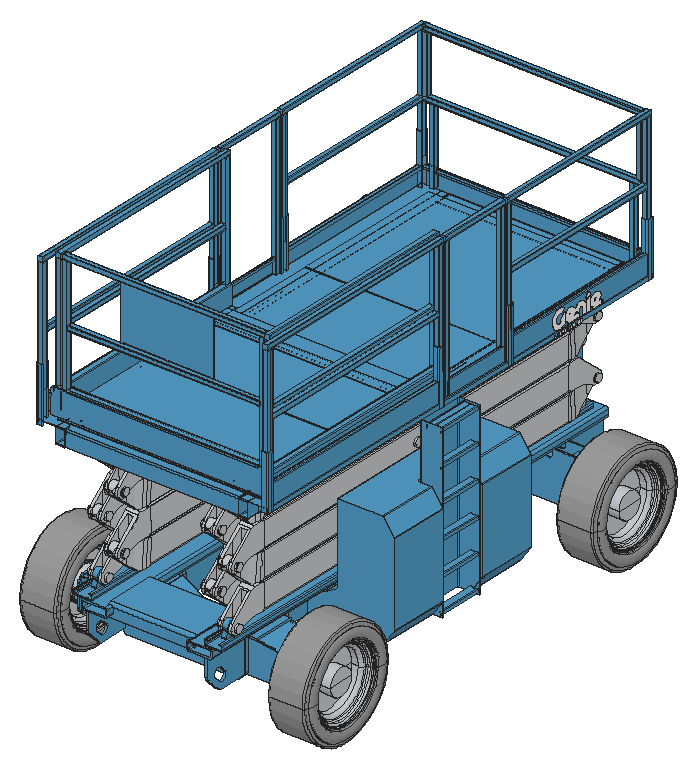
Revit family "Genie_Site_ScissorLift_GS4390_000", category Site, Revit 2017 (continued)
Definition of nested family "Basket"
  Forms (mm)
    Sweep 5, solid, material <- "Blue"
      profile origin (909.32, -1030.919, 1301.249) x (0, 0, -1) y (1, 0, 0)
        loop
          line (31.496, 0) -> (0, 0)
          arc (0, 0) -> (-2.335, -0.967) -> (-3.302, -3.302) r 3.302
          line (-3.302, -3.302) -> (-3.302, -34.798)
          arc (-3.302, -34.798) -> (-2.335, -37.133) -> (0, -38.1) r 3.302
          line (0, -38.1) -> (31.496, -38.1)
          arc (31.496, -38.1) -> (33.831, -37.133) -> (34.798, -34.798) r 3.302
          line (34.798, -34.798) -> (34.798, -3.302)
          arc (34.798, -3.302) -> (33.831, -0.967) -> (31.496, 0) r 3.302
    Sweep 6, solid, material <- "Blue"
      path in 3D
        loop
          line (908.05, 448.758, 1299.725) -> (908.05, -138.744, 1299.725)
      profile origin (908.05, 155.007, 1299.725) x (0, 0, -1) y (1, 0, 0)
        loop
          line (28.448, 0) -> (0, 0)
          arc (0, 0) -> (-3.412, -1.414) -> (-4.826, -4.826) r 4.826
          line (-4.826, -4.826) -> (-4.826, -33.274)
          arc (-4.826, -33.274) -> (-3.412, -36.686) -> (0, -38.1) r 4.826
          line (0, -38.1) -> (28.448, -38.1)
          arc (28.448, -38.1) -> (31.86, -36.686) -> (33.274, -33.274) r 4.826
          line (33.274, -33.274) -> (33.274, -4.826)
          arc (33.274, -4.826) -> (31.86, -1.414) -> (28.448, 0) r 4.826
    Sweep 7, solid, material <- "Blue"
      path in 3D
        loop
          line (906.272, 1895.034, 1301.386) -> (906.272, 475.682, 1301.386)
      profile origin (906.272, 1185.358, 1301.386) x (0, 0, -1) y (1, 0, 0)
        loop
          line (31.496, 0) -> (0, 0)
          arc (0, 0) -> (-2.335, -0.967) -> (-3.302, -3.302) r 3.302
          line (-3.302, -3.302) -> (-3.302, -34.798)
          arc (-3.302, -34.798) -> (-2.335, -37.133) -> (0, -38.1) r 3.302
          line (0, -38.1) -> (31.496, -38.1)
          arc (31.496, -38.1) -> (33.831, -37.133) -> (34.798, -34.798) r 3.302
          line (34.798, -34.798) -> (34.798, -3.302)
          arc (34.798, -3.302) -> (33.831, -0.967) -> (31.496, 0) r 3.302
    Sweep 8, solid, material <- "Blue"
      path in 3D
        loop
          line (-865.124, 1891.478, 1298.846) -> (862.076, 1891.478, 1298.846)
      profile origin (-1.524, 1891.478, 1298.846) x (0, 0, -1) y (0, 1, 0)
        loop
          line (31.496, 0) -> (0, 0)
          arc (0, 0) -> (-2.335, -0.967) -> (-3.302, -3.302) r 3.302
          line (-3.302, -3.302) -> (-3.302, -34.798)
          arc (-3.302, -34.798) -> (-2.335, -37.133) -> (0, -38.1) r 3.302
          line (0, -38.1) -> (31.496, -38.1)
          arc (31.496, -38.1) -> (33.831, -37.133) -> (34.798, -34.798) r 3.302
          line (34.798, -34.798) -> (34.798, -3.302)
          arc (34.798, -3.302) -> (33.831, -0.967) -> (31.496, 0) r 3.302
    Sweep 9, solid, material <- "Blue"
      path in 3D
        loop
          line (909.32, -1894.392, 364.751) -> (909.32, -1894.392, 1266.451)
      profile origin (909.32, -1894.392, 815.601) x (0, -1, 0) y (1, 0, 0)
        loop
          line (0, 0) -> (-31.496, 0)
          arc (-31.496, 0) -> (-33.831, -0.967) -> (-34.798, -3.302) r 3.302
          line (-34.798, -3.302) -> (-34.798, -34.798)
          arc (-34.798, -34.798) -> (-33.831, -37.133) -> (-31.496, -38.1) r 3.302
          line (-31.496, -38.1) -> (0, -38.1)
          arc (0, -38.1) -> (2.335, -37.133) -> (3.302, -34.798) r 3.302
          line (3.302, -34.798) -> (3.302, -3.302)
          arc (3.302, -3.302) -> (2.335, -0.967) -> (0, 0) r 3.302
        loop
          line (-1695.45, 0) -> (-1726.946, 0)
          arc (-1726.946, 0) -> (-1729.281, -0.967) -> (-1730.248, -3.302) r 3.302
          line (-1730.248, -3.302) -> (-1730.248, -34.798)
          arc (-1730.248, -34.798) -> (-1729.281, -37.133) -> (-1726.946, -38.1) r 3.302
          line (-1726.946, -38.1) -> (-1695.45, -38.1)
          arc (-1695.45, -38.1) -> (-1693.115, -37.133) -> (-1692.148, -34.798) r 3.302
          line (-1692.148, -34.798) -> (-1692.148, -3.302)
          arc (-1692.148, -3.302) -> (-1693.115, -0.967) -> (-1695.45, 0) r 3.302
        loop
          line (-2373.376, -3.048) -> (-2404.872, -3.048)
          arc (-2404.872, -3.048) -> (-2407.207, -4.015) -> (-2408.174, -6.35) r 3.302
          line (-2408.174, -6.35) -> (-2408.174, -37.846)
          arc (-2408.174, -37.846) -> (-2407.207, -40.181) -> (-2404.872, -41.148) r 3.302
          line (-2404.872, -41.148) -> (-2373.376, -41.148)
          arc (-2373.376, -41.148) -> (-2371.041, -40.181) -> (-2370.074, -37.846) r 3.302
          line (-2370.074, -37.846) -> (-2370.074, -6.35)
          arc (-2370.074, -6.35) -> (-2371.041, -4.015) -> (-2373.376, -3.048) r 3.302
        loop
          line (-3754.628, -3.048) -> (-3786.124, -3.048)
          arc (-3786.124, -3.048) -> (-3788.459, -4.015) -> (-3789.426, -6.35) r 3.302
          line (-3789.426, -6.35) -> (-3789.426, -37.846)
          arc (-3789.426, -37.846) -> (-3788.459, -40.181) -> (-3786.124, -41.148) r 3.302
          line (-3786.124, -41.148) -> (-3754.628, -41.148)
          arc (-3754.628, -41.148) -> (-3752.293, -40.181) -> (-3751.326, -37.846) r 3.302
          line (-3751.326, -37.846) -> (-3751.326, -6.35)
          arc (-3751.326, -6.35) -> (-3752.293, -4.015) -> (-3754.628, -3.048) r 3.302
        loop
          arc (-3786.124, -1780.54) -> (-3788.459, -1781.507) -> (-3789.426, -1783.842) r 3.302
          line (-3789.426, -1783.842) -> (-3789.426, -1815.338)
          arc (-3789.426, -1815.338) -> (-3788.459, -1817.673) -> (-3786.124, -1818.64) r 3.302
          line (-3786.124, -1818.64) -> (-3754.628, -1818.64)
          arc (-3754.628, -1818.64) -> (-3752.293, -1817.673) -> (-3751.326, -1815.338) r 3.302
          line (-3751.326, -1815.338) -> (-3751.326, -1783.842)
          arc (-3751.326, -1783.842) -> (-3752.293, -1781.507) -> (-3754.628, -1780.54) r 3.302
          line (-3754.628, -1780.54) -> (-3786.124, -1780.54)
        loop
          arc (-2404.872, -1780.54) -> (-2407.207, -1781.507) -> (-2408.174, -1783.842) r 3.302
          line (-2408.174, -1783.842) -> (-2408.174, -1815.338)
          arc (-2408.174, -1815.338) -> (-2407.207, -1817.673) -> (-2404.872, -1818.64) r 3.302
          line (-2404.872, -1818.64) -> (-2373.376, -1818.64)
          arc (-2373.376, -1818.64) -> (-2371.041, -1817.673) -> (-2370.074, -1815.338) r 3.302
          line (-2370.074, -1815.338) -> (-2370.074, -1783.842)
          arc (-2370.074, -1783.842) -> (-2371.041, -1781.507) -> (-2373.376, -1780.54) r 3.302
          line (-2373.376, -1780.54) -> (-2404.872, -1780.54)
        loop
          arc (-1726.946, -1779.27) -> (-1729.281, -1780.237) -> (-1730.248, -1782.572) r 3.302
          line (-1730.248, -1782.572) -> (-1730.248, -1814.068)
          arc (-1730.248, -1814.068) -> (-1729.281, -1816.403) -> (-1726.946, -1817.37) r 3.302
          line (-1726.946, -1817.37) -> (-1695.45, -1817.37)
          arc (-1695.45, -1817.37) -> (-1693.115, -1816.403) -> (-1692.148, -1814.068) r 3.302
          line (-1692.148, -1814.068) -> (-1692.148, -1782.572)
          arc (-1692.148, -1782.572) -> (-1693.115, -1780.237) -> (-1695.45, -1779.27) r 3.302
          line (-1695.45, -1779.27) -> (-1726.946, -1779.27)
        loop
          arc (-31.496, -1779.27) -> (-33.831, -1780.237) -> (-34.798, -1782.572) r 3.302
          line (-34.798, -1782.572) -> (-34.798, -1814.068)
          arc (-34.798, -1814.068) -> (-33.831, -1816.403) -> (-31.496, -1817.37) r 3.302
          line (-31.496, -1817.37) -> (0, -1817.37)
          arc (0, -1817.37) -> (2.335, -1816.403) -> (3.302, -1814.068) r 3.302
          line (3.302, -1814.068) -> (3.302, -1782.572)
          arc (3.302, -1782.572) -> (2.335, -1780.237) -> (0, -1779.27) r 3.302
          line (0, -1779.27) -> (-31.496, -1779.27)
    Sweep 10, solid, material <- "Blue"
      path in 3D
        loop
          line (-869.95, -135.442, 167.901) -> (-869.95, -135.442, 1266.451)
      profile origin (-869.95, -135.442, 717.176) x (0, -1, 0) y (1, 0, 0)
        loop
          line (0, 0) -> (-31.496, 0)
          arc (-31.496, 0) -> (-33.831, -0.967) -> (-34.798, -3.302) r 3.302
          line (-34.798, -3.302) -> (-34.798, -34.798)
          arc (-34.798, -34.798) -> (-33.831, -37.133) -> (-31.496, -38.1) r 3.302
          line (-31.496, -38.1) -> (0, -38.1)
          arc (0, -38.1) -> (2.335, -37.133) -> (3.302, -34.798) r 3.302
          line (3.302, -34.798) -> (3.302, -3.302)
          arc (3.302, -3.302) -> (2.335, -0.967) -> (0, 0) r 3.302
        loop
          line (-549.402, 0) -> (-580.898, 0)
          arc (-580.898, 0) -> (-583.233, -0.967) -> (-584.2, -3.302) r 3.302
          line (-584.2, -3.302) -> (-584.2, -34.798)
          arc (-584.2, -34.798) -> (-583.233, -37.133) -> (-580.898, -38.1) r 3.302
          line (-580.898, -38.1) -> (-549.402, -38.1)
          arc (-549.402, -38.1) -> (-547.067, -37.133) -> (-546.1, -34.798) r 3.302
          line (-546.1, -34.798) -> (-546.1, -3.302)
          arc (-546.1, -3.302) -> (-547.067, -0.967) -> (-549.402, 0) r 3.302
        loop
          line (-549.402, 1778) -> (-580.898, 1778)
          arc (-580.898, 1778) -> (-583.233, 1777.033) -> (-584.2, 1774.698) r 3.302
          line (-584.2, 1774.698) -> (-584.2, 1743.202)
          arc (-584.2, 1743.202) -> (-583.233, 1740.867) -> (-580.898, 1739.9) r 3.302
          line (-580.898, 1739.9) -> (-549.402, 1739.9)
          arc (-549.402, 1739.9) -> (-547.067, 1740.867) -> (-546.1, 1743.202) r 3.302
          line (-546.1, 1743.202) -> (-546.1, 1774.698)
          arc (-546.1, 1774.698) -> (-547.067, 1777.033) -> (-549.402, 1778) r 3.302
        loop
          line (0, 1778) -> (-31.496, 1778)
          arc (-31.496, 1778) -> (-33.831, 1777.033) -> (-34.798, 1774.698) r 3.302
          line (-34.798, 1774.698) -> (-34.798, 1743.202)
          arc (-34.798, 1743.202) -> (-33.831, 1740.867) -> (-31.496, 1739.9) r 3.302
          line (-31.496, 1739.9) -> (0, 1739.9)
          arc (0, 1739.9) -> (2.335, 1740.867) -> (3.302, 1743.202) r 3.302
          line (3.302, 1743.202) -> (3.302, 1774.698)
          arc (3.302, 1774.698) -> (2.335, 1777.033) -> (0, 1778) r 3.302
    Sweep 11, solid, material <- "Blue"
      path in 3D
        loop
          line (-869.95, -202.244, 793.249) -> (-869.95, -1859.594, 793.249)
      profile origin (-869.95, -1030.919, 793.249) x (0, 0, -1) y (1, 0, 0)
        loop
          arc (0, 0) -> (-2.335, -0.967) -> (-3.302, -3.302) r 3.302
          line (-3.302, -3.302) -> (-3.302, -34.798)
          arc (-3.302, -34.798) -> (-2.335, -37.133) -> (0, -38.1) r 3.302
          line (0, -38.1) -> (31.496, -38.1)
          arc (31.496, -38.1) -> (33.831, -37.133) -> (34.798, -34.798) r 3.302
          line (34.798, -34.798) -> (34.798, -3.302)
          arc (34.798, -3.302) -> (33.831, -0.967) -> (31.496, 0) r 3.302
          line (31.496, 0) -> (0, 0)
        loop
          arc (0, 1779.27) -> (-2.335, 1778.303) -> (-3.302, 1775.968) r 3.302
          line (-3.302, 1775.968) -> (-3.302, 1744.472)
          arc (-3.302, 1744.472) -> (-2.335, 1742.137) -> (0, 1741.17) r 3.302
          line (0, 1741.17) -> (31.496, 1741.17)
          arc (31.496, 1741.17) -> (33.831, 1742.137) -> (34.798, 1744.472) r 3.302
          line (34.798, 1744.472) -> (34.798, 1775.968)
          arc (34.798, 1775.968) -> (33.831, 1778.303) -> (31.496, 1779.27) r 3.302
          line (31.496, 1779.27) -> (0, 1779.27)
    Sweep 12, solid, material <- "Blue"
      path in 3D
        loop
          line (906.272, 1856.934, 793.386) -> (906.272, 513.782, 793.386)
      profile origin (906.272, 1185.358, 793.386) x (0, 0, -1) y (1, 0, 0)
        loop
          line (31.496, 0) -> (0, 0)
          arc (0, 0) -> (-2.335, -0.967) -> (-3.302, -3.302) r 3.302
          line (-3.302, -3.302) -> (-3.302, -34.798)
          arc (-3.302, -34.798) -> (-2.335, -37.133) -> (0, -38.1) r 3.302
          line (0, -38.1) -> (31.496, -38.1)
          arc (31.496, -38.1) -> (33.831, -37.133) -> (34.798, -34.798) r 3.302
          line (34.798, -34.798) -> (34.798, -3.302)
          arc (34.798, -3.302) -> (33.831, -0.967) -> (31.496, 0) r 3.302
        loop
          line (31.496, -1777.492) -> (0, -1777.492)
          arc (0, -1777.492) -> (-2.335, -1778.459) -> (-3.302, -1780.794) r 3.302
          line (-3.302, -1780.794) -> (-3.302, -1812.29)
          arc (-3.302, -1812.29) -> (-2.335, -1814.625) -> (0, -1815.592) r 3.302
          line (0, -1815.592) -> (31.496, -1815.592)
          arc (31.496, -1815.592) -> (33.831, -1814.625) -> (34.798, -1812.29) r 3.302
          line (34.798, -1812.29) -> (34.798, -1780.794)
          arc (34.798, -1780.794) -> (33.831, -1778.459) -> (31.496, -1777.492) r 3.302
    Sweep 13, solid, material <- "Blue"
      path in 3D
        loop
          line (862.076, 1853.378, 803.546) -> (-865.124, 1853.378, 803.546)
      profile origin (-1.524, 1853.378, 803.546) x (0, 0, -1) y (0, -1, 0)
        loop
          arc (0, 0) -> (-2.335, -0.967) -> (-3.302, -3.302) r 3.302
          line (-3.302, -3.302) -> (-3.302, -34.798)
          arc (-3.302, -34.798) -> (-2.335, -37.133) -> (0, -38.1) r 3.302
          line (0, -38.1) -> (31.496, -38.1)
          arc (31.496, -38.1) -> (33.831, -37.133) -> (34.798, -34.798) r 3.302
          line (34.798, -34.798) -> (34.798, -3.302)
          arc (34.798, -3.302) -> (33.831, -0.967) -> (31.496, 0) r 3.302
          line (31.496, 0) -> (0, 0)
    Sweep 14, solid, material <- "Blue"
      path in 3D
        loop
          line (823.976, 1888.176, 1264.048) -> (823.976, 1888.176, 806.848)
      profile origin (823.976, 1888.176, 1035.448) x (-1, 0, 0) y (0, -1, 0)
        loop
          arc (0, 31.496) -> (-0.967, 33.831) -> (-3.302, 34.798) r 3.302
          line (-3.302, 34.798) -> (-34.798, 34.798)
          arc (-34.798, 34.798) -> (-37.133, 33.831) -> (-38.1, 31.496) r 3.302
          line (-38.1, 31.496) -> (-38.1, 0)
          arc (-38.1, 0) -> (-37.133, -2.335) -> (-34.798, -3.302) r 3.302
          line (-34.798, -3.302) -> (-3.302, -3.302)
          arc (-3.302, -3.302) -> (-0.967, -2.335) -> (0, 0) r 3.302
          line (0, 0) -> (0, 31.496)
        loop
          arc (1685.798, -3.302) -> (1688.133, -2.335) -> (1689.1, 0) r 3.302
          line (1689.1, 0) -> (1689.1, 31.496)
          arc (1689.1, 31.496) -> (1688.133, 33.831) -> (1685.798, 34.798) r 3.302
          line (1685.798, 34.798) -> (1654.302, 34.798)
          arc (1654.302, 34.798) -> (1651.967, 33.831) -> (1651, 31.496) r 3.302
          line (1651, 31.496) -> (1651, 0)
          arc (1651, 0) -> (1651.967, -2.335) -> (1654.302, -3.302) r 3.302
          line (1654.302, -3.302) -> (1685.798, -3.302)
    Sweep 15, solid, material <- "Blue"
      path in 3D
        loop
          line (-808.482, 1891.478, 171.848) -> (-808.482, 1891.478, 768.748)
      profile origin (-808.482, 1891.478, 470.298) x (1, 0, 0) y (0, 1, 0)
        loop
          line (31.496, 0) -> (0, 0)
          arc (0, 0) -> (-2.335, -0.967) -> (-3.302, -3.302) r 3.302
          line (-3.302, -3.302) -> (-3.302, -34.798)
          arc (-3.302, -34.798) -> (-2.335, -37.133) -> (0, -38.1) r 3.302
          line (0, -38.1) -> (31.496, -38.1)
          arc (31.496, -38.1) -> (33.831, -37.133) -> (34.798, -34.798) r 3.302
          line (34.798, -34.798) -> (34.798, -3.302)
          arc (34.798, -3.302) -> (33.831, -0.967) -> (31.496, 0) r 3.302
        loop
          line (1613.916, 0) -> (1582.42, 0)
          arc (1582.42, 0) -> (1580.085, -0.967) -> (1579.118, -3.302) r 3.302
          line (1579.118, -3.302) -> (1579.118, -34.798)
          arc (1579.118, -34.798) -> (1580.085, -37.133) -> (1582.42, -38.1) r 3.302
          line (1582.42, -38.1) -> (1613.916, -38.1)
          arc (1613.916, -38.1) -> (1616.251, -37.133) -> (1617.218, -34.798) r 3.302
          line (1617.218, -34.798) -> (1617.218, -3.302)
          arc (1617.218, -3.302) -> (1616.251, -0.967) -> (1613.916, 0) r 3.302
    Sweep 16, solid, material <- "Blue"
      path in 3D
        loop
          line (800.471, 608.169, 152.153) -> (800.471, 608.169, 155.328)
      profile origin (800.471, 608.169, 153.741) x (1, 0, 0) y (0, 1, 0)
        loop
          line (0, 0) -> (-1601.216, 0) -> (-1601.216, -1219.2) -> (0, -1219.2) -> (0, 0)
        loop
          line (0, 5.182) -> (0, 1224.382) -> (-1601.216, 1224.382) -> (-1601.216, 5.182) -> (0, 5.182)
        loop
          line (0, -2443.378) -> (0, -1224.178) -> (-1601.216, -1224.178) -> (-1601.216, -2443.378) -> (0, -2443.378)
    Sweep 17, solid, material <- "Blue"
      path in 3D
        loop
          line (-910.707, -119.694, 167.901) -> (-910.707, 429.708, 167.901)
      profile origin (-910.707, 155.007, 167.901) x (0, 0, -1) y (-1, 0, 0)
        loop
          line (0, 0) -> (-101.62, 0)
          arc (-101.62, 0) -> (-105.378, -1.556) -> (-106.934, -5.314) r 5.314
          line (-106.934, -5.314) -> (-106.934, -20.086)
          arc (-106.934, -20.086) -> (-105.378, -23.844) -> (-101.62, -25.4) r 5.314
          line (-101.62, -25.4) -> (-87.884, -25.4) -> (-87.884, -22.743) -> (-101.62, -22.743)
          arc (-101.62, -22.743) -> (-103.499, -21.965) -> (-104.277, -20.086) r 2.657
          line (-104.277, -20.086) -> (-104.277, -5.314)
          arc (-104.277, -5.314) -> (-103.499, -3.435) -> (-101.62, -2.657) r 2.657
          line (-101.62, -2.657) -> (0, -2.657) -> (0, 0)
        loop
          line (0, -1821.414) -> (0, -1818.757) -> (-101.62, -1818.757)
          arc (-101.62, -1818.757) -> (-103.499, -1817.979) -> (-104.277, -1816.1) r 2.657
          line (-104.277, -1816.1) -> (-104.277, -1801.327)
          arc (-104.277, -1801.327) -> (-103.499, -1799.449) -> (-101.62, -1798.671) r 2.657
          line (-101.62, -1798.671) -> (-87.884, -1798.671) -> (-87.884, -1796.014) -> (-101.62, -1796.014)
          arc (-101.62, -1796.014) -> (-105.378, -1797.57) -> (-106.934, -1801.327) r 5.314
          line (-106.934, -1801.327) -> (-106.934, -1816.1)
          arc (-106.934, -1816.1) -> (-105.378, -1819.857) -> (-101.62, -1821.414) r 5.314
          line (-101.62, -1821.414) -> (0, -1821.414)
    Sweep 18, solid, material <- "Blue"
      path in 3D
        loop
          line (755.904, -1906.33, 22.496) -> (755.904, 1903.67, 22.496)
      profile origin (755.904, -1.33, 22.496) x (1, 0, 0) y (0, 0, -1)
        loop
          arc (-64.008, 0) -> (-68.319, -1.785) -> (-70.104, -6.096) r 6.096
          line (-70.104, -6.096) -> (-70.104, -120.904)
          arc (-70.104, -120.904) -> (-68.319, -125.215) -> (-64.008, -127) r 6.096
          line (-64.008, -127) -> (0, -127)
          arc (0, -127) -> (4.311, -125.215) -> (6.096, -120.904) r 6.096
          line (6.096, -120.904) -> (6.096, -6.096)
          arc (6.096, -6.096) -> (4.311, -1.785) -> (0, 0) r 6.096
          line (0, 0) -> (-64.008, 0)
        loop
          line (0, -3.048) -> (-64.008, -3.048)
          arc (-64.008, -3.048) -> (-66.163, -3.941) -> (-67.056, -6.096) r 3.048
          line (-67.056, -6.096) -> (-67.056, -120.904)
          arc (-67.056, -120.904) -> (-66.163, -123.059) -> (-64.008, -123.952) r 3.048
          line (-64.008, -123.952) -> (0, -123.952)
          arc (0, -123.952) -> (2.155, -123.059) -> (3.048, -120.904) r 3.048
          line (3.048, -120.904) -> (3.048, -6.096)
          arc (3.048, -6.096) -> (2.155, -3.941) -> (0, -3.048) r 3.048
        loop
          line (-1447.8, -3.048) -> (-1511.808, -3.048)
          arc (-1511.808, -3.048) -> (-1513.963, -3.941) -> (-1514.856, -6.096) r 3.048
          line (-1514.856, -6.096) -> (-1514.856, -120.904)
          arc (-1514.856, -120.904) -> (-1513.963, -123.059) -> (-1511.808, -123.952) r 3.048
          line (-1511.808, -123.952) -> (-1447.8, -123.952)
          arc (-1447.8, -123.952) -> (-1445.645, -123.059) -> (-1444.752, -120.904) r 3.048
          line (-1444.752, -120.904) -> (-1444.752, -6.096)
          arc (-1444.752, -6.096) -> (-1445.645, -3.941) -> (-1447.8, -3.048) r 3.048
        loop
          arc (-1511.808, 0) -> (-1516.119, -1.785) -> (-1517.904, -6.096) r 6.096
          line (-1517.904, -6.096) -> (-1517.904, -120.904)
          arc (-1517.904, -120.904) -> (-1516.119, -125.215) -> (-1511.808, -127) r 6.096
          line (-1511.808, -127) -> (-1447.8, -127)
          arc (-1447.8, -127) -> (-1443.489, -125.215) -> (-1441.704, -120.904) r 6.096
          line (-1441.704, -120.904) -> (-1441.704, -6.096)
          arc (-1441.704, -6.096) -> (-1443.489, -1.785) -> (-1447.8, 0) r 6.096
          line (-1447.8, 0) -> (-1511.808, 0)
    Sweep 19, solid, material <- "Blue"
      path in 3D
        loop
          line (-425.78, -1896.881, 58.158) -> (-425.78, -544.331, 58.158)
      profile origin (-425.78, -1220.606, 58.158) x (0, 0, 1) y (1, 0, 0)
        loop
          arc (0, -19.025) -> (2.797, -25.778) -> (9.55, -28.575) r 9.55
          line (9.55, -28.575) -> (34.29, -28.575)
          arc (34.29, -28.575) -> (41.043, -25.778) -> (43.84, -19.025) r 9.55
          line (43.84, -19.025) -> (43.84, 102.489)
          arc (43.84, 102.489) -> (41.043, 109.242) -> (34.29, 112.039) r 9.55
          line (34.29, 112.039) -> (9.55, 112.039)
          arc (9.55, 112.039) -> (2.797, 109.242) -> (0, 102.489) r 9.55
          line (0, 102.489) -> (0, 83.464) -> (4.775, 83.464) -> (4.775, 102.489)
          arc (4.775, 102.489) -> (6.174, 105.866) -> (9.55, 107.264) r 4.775
          line (9.55, 107.264) -> (34.29, 107.264)
          arc (34.29, 107.264) -> (37.667, 105.866) -> (39.065, 102.489) r 4.775
          line (39.065, 102.489) -> (39.065, -19.025)
          arc (39.065, -19.025) -> (37.667, -22.401) -> (34.29, -23.8) r 4.775
          line (34.29, -23.8) -> (9.55, -23.8)
          arc (9.55, -23.8) -> (6.174, -22.401) -> (4.775, -19.025) r 4.775
          line (4.775, -19.025) -> (4.775, 0) -> (0, 0) -> (0, -19.025)
        loop
          line (0, 870.585) -> (0, 851.56) -> (4.775, 851.56) -> (4.775, 870.585)
          arc (4.775, 870.585) -> (6.174, 873.962) -> (9.55, 875.36) r 4.775
          line (9.55, 875.36) -> (34.29, 875.36)
          arc (34.29, 875.36) -> (37.667, 873.962) -> (39.065, 870.585) r 4.775
          line (39.065, 870.585) -> (39.065, 749.071)
          arc (39.065, 749.071) -> (37.667, 745.695) -> (34.29, 744.296) r 4.775
          line (34.29, 744.296) -> (9.55, 744.296)
          arc (9.55, 744.296) -> (6.174, 745.695) -> (4.775, 749.071) r 4.775
          line (4.775, 749.071) -> (4.775, 768.096) -> (0, 768.096) -> (0, 749.071)
          arc (0, 749.071) -> (2.797, 742.318) -> (9.55, 739.521) r 9.55
          line (9.55, 739.521) -> (34.29, 739.521)
          arc (34.29, 739.521) -> (41.043, 742.318) -> (43.84, 749.071) r 9.55
          line (43.84, 749.071) -> (43.84, 870.585)
          arc (43.84, 870.585) -> (41.043, 877.338) -> (34.29, 880.135) r 9.55
          line (34.29, 880.135) -> (9.55, 880.135)
          arc (9.55, 880.135) -> (2.797, 877.338) -> (0, 870.585) r 9.55
    Sweep 20, solid, material <- "Blue"
      path in 3D
        loop
          line (-575.107, 541.672, 58.158) -> (-575.107, 1894.222, 58.158)
      profile origin (-575.107, 1217.947, 58.158) x (1, 0, 0) y (0, 0, -1)
        loop
          line (102.489, 0) -> (102.489, -4.775) -> (121.514, -4.775)
          arc (121.514, -4.775) -> (124.89, -6.174) -> (126.289, -9.55) r 4.775
          line (126.289, -9.55) -> (126.289, -34.29)
          arc (126.289, -34.29) -> (124.89, -37.667) -> (121.514, -39.065) r 4.775
          line (121.514, -39.065) -> (0, -39.065)
          arc (0, -39.065) -> (-3.377, -37.667) -> (-4.775, -34.29) r 4.775
          line (-4.775, -34.29) -> (-4.775, -9.55)
          arc (-4.775, -9.55) -> (-3.377, -6.174) -> (0, -4.775) r 4.775
          line (0, -4.775) -> (19.025, -4.775) -> (19.025, 0) -> (0, 0)
          arc (0, 0) -> (-6.753, -2.797) -> (-9.55, -9.55) r 9.55
          line (-9.55, -9.55) -> (-9.55, -34.29)
          arc (-9.55, -34.29) -> (-6.753, -41.043) -> (0, -43.84) r 9.55
          line (0, -43.84) -> (121.514, -43.84)
          arc (121.514, -43.84) -> (128.267, -41.043) -> (131.064, -34.29) r 9.55
          line (131.064, -34.29) -> (131.064, -9.55)
          arc (131.064, -9.55) -> (128.267, -2.797) -> (121.514, 0) r 9.55
          line (121.514, 0) -> (102.489, 0)
        loop
          line (1047.725, 0) -> (1028.7, 0)
          arc (1028.7, 0) -> (1021.947, -2.797) -> (1019.15, -9.55) r 9.55
          line (1019.15, -9.55) -> (1019.15, -34.29)
          arc (1019.15, -34.29) -> (1021.947, -41.043) -> (1028.7, -43.84) r 9.55
          line (1028.7, -43.84) -> (1150.214, -43.84)
          arc (1150.214, -43.84) -> (1156.967, -41.043) -> (1159.764, -34.29) r 9.55
          line (1159.764, -34.29) -> (1159.764, -9.55)
          arc (1159.764, -9.55) -> (1156.967, -2.797) -> (1150.214, 0) r 9.55
          line (1150.214, 0) -> (1131.189, 0) -> (1131.189, -4.775) -> (1150.214, -4.775)
          arc (1150.214, -4.775) -> (1153.59, -6.174) -> (1154.989, -9.55) r 4.775
          line (1154.989, -9.55) -> (1154.989, -34.29)
          arc (1154.989, -34.29) -> (1153.59, -37.667) -> (1150.214, -39.065) r 4.775
          line (1150.214, -39.065) -> (1028.7, -39.065)
          arc (1028.7, -39.065) -> (1025.323, -37.667) -> (1023.925, -34.29) r 4.775
          line (1023.925, -34.29) -> (1023.925, -9.55)
          arc (1023.925, -9.55) -> (1025.323, -6.174) -> (1028.7, -4.775) r 4.775
          line (1028.7, -4.775) -> (1047.725, -4.775) -> (1047.725, 0)
    Extrusion 21, solid, material <- "Blue"
      sketch origin (0, 0, 0) x (0, 1, 0) y (0, 0, 1)
        loop
          line (1831.975, 65.475) -> (1831.975, 75) -> (1724.025, 75) -> (1724.025, 65.475) -> (1730.019, 19.848)
          arc (1730.019, 19.848) -> (1732.761, 17.113) -> (1736.107, 19.063) r 3.175
          arc (1736.107, 19.063) -> (1778, -43.269) -> (1819.893, 19.063) r 45.244
          arc (1819.893, 19.063) -> (1823.239, 17.113) -> (1825.981, 19.848) r 3.175
          line (1825.981, 19.848) -> (1831.975, 65.475)
        loop
          circle (1778, 1.975) r 25
      from -534.988 to -493.713
    Extrusion 22, solid, material <- "Blue"
      sketch origin (0, 0, 0) x (0, 1, 0) y (0, 0, -1)
        loop
          line (1831.975, -65.475) -> (1825.981, -19.848)
          arc (1825.981, -19.848) -> (1823.239, -17.113) -> (1819.893, -19.063) r 3.175
          arc (1819.893, -19.063) -> (1778, 43.269) -> (1736.107, -19.063) r 45.244
          arc (1736.107, -19.063) -> (1732.761, -17.113) -> (1730.019, -19.848) r 3.175
          line (1730.019, -19.848) -> (1724.025, -65.475) -> (1724.025, -75) -> (1831.975, -75) -> (1831.975, -65.475)
        loop
          circle (1778, -1.975) r 25
      from -534.988 to -493.713
    Extrusion 23, solid, material <- "Blue"
      sketch origin (0, 0, 0) x (0, -1, 0) y (0, 0, 1)
        loop
          line (1831.975, 65.475) -> (1831.975, 75) -> (1724.025, 75) -> (1724.025, 65.475) -> (1730.019, 19.848)
          arc (1730.019, 19.848) -> (1732.761, 17.113) -> (1736.107, 19.063) r 3.175
          arc (1736.107, 19.063) -> (1778, -43.269) -> (1819.893, 19.063) r 45.244
          arc (1819.893, 19.063) -> (1823.239, 17.113) -> (1825.981, 19.848) r 3.175
          line (1825.981, 19.848) -> (1831.975, 65.475)
        loop
          circle (1778, 1.975) r 25
      from -404.812 to -363.537
    Extrusion 24, solid, material <- "Blue"
      sketch origin (0, 0, 0) x (0, -1, 0) y (0, 0, -1)
        loop
          line (1831.975, -65.475) -> (1825.981, -19.848)
          arc (1825.981, -19.848) -> (1823.239, -17.113) -> (1819.893, -19.063) r 3.175
          arc (1819.893, -19.063) -> (1778, 43.269) -> (1736.107, -19.063) r 45.244
          arc (1736.107, -19.063) -> (1732.761, -17.113) -> (1730.019, -19.848) r 3.175
          line (1730.019, -19.848) -> (1724.025, -65.475) -> (1724.025, -75) -> (1831.975, -75) -> (1831.975, -65.475)
        loop
          circle (1778, -1.975) r 25
      from -404.812 to -363.537
    Extrusion 25, solid, material <- "Blue"
      sketch origin (0, 0, 0) x (0, 1, 0) y (0, 0, 1)
        loop
          line (1894.135, 155.846) -> (1894.135, 299.885)
          arc (1894.135, 299.885) -> (1892.579, 303.642) -> (1888.822, 305.198) r 5.314
          line (1888.822, 305.198) -> (1867.699, 305.198)
          arc (1867.699, 305.198) -> (1863.942, 303.642) -> (1862.385, 299.885) r 5.314
          line (1862.385, 299.885) -> (1862.385, 279.798) -> (1865.042, 279.798) -> (1865.042, 299.885)
          arc (1865.042, 299.885) -> (1865.82, 301.763) -> (1867.699, 302.541) r 2.657
          line (1867.699, 302.541) -> (1888.822, 302.541)
          arc (1888.822, 302.541) -> (1890.7, 301.763) -> (1891.478, 299.885) r 2.657
          line (1891.478, 299.885) -> (1891.478, 155.846) -> (1894.135, 155.846)
      from -862 to 862
    Sweep 26, solid, material <- "Blue"
      path in 3D
        loop
          line (-794.004, 1906.327, 149.699) -> (-794.004, 1903.67, 149.699)
      profile origin (-794.004, 1904.999, 149.699) x (1, 0, 0) y (0, 0, 1)
        loop
          arc (0, 0) -> (-4.49, -1.86) -> (-6.35, -6.35) r 6.35
          line (-6.35, -6.35) -> (-6.35, -114.55)
          arc (-6.35, -114.55) -> (-5.633, -117.483) -> (-3.642, -119.752) r 6.35
          line (-3.642, -119.752) -> (5.069, -125.852)
          arc (5.069, -125.852) -> (6.802, -126.706) -> (8.711, -127) r 6.35
          line (8.711, -127) -> (1579.297, -127)
          arc (1579.297, -127) -> (1581.206, -126.706) -> (1582.939, -125.852) r 6.35
          line (1582.939, -125.852) -> (1591.65, -119.752)
          arc (1591.65, -119.752) -> (1593.641, -117.483) -> (1594.358, -114.55) r 6.35
          line (1594.358, -114.55) -> (1594.358, -6.35)
          arc (1594.358, -6.35) -> (1592.498, -1.86) -> (1588.008, 0) r 6.35
          line (1588.008, 0) -> (0, 0)
    Extrusion 27, solid, material <- "Blue"
      sketch origin (0, 0, 0) x (1, 0, 0) y (0, 0, 1)
        loop
          line (905.53, 152.153) -> (908.187, 152.153) -> (908.187, 299.239)
          arc (908.187, 299.239) -> (906.631, 302.997) -> (902.873, 304.553) r 5.314
          line (902.873, 304.553) -> (878.449, 304.553)
          arc (878.449, 304.553) -> (874.692, 302.997) -> (873.135, 299.239) r 5.314
          line (873.135, 299.239) -> (873.135, 279.153) -> (875.792, 279.153) -> (875.792, 299.239)
          arc (875.792, 299.239) -> (876.57, 301.118) -> (878.449, 301.896) r 2.657
          line (878.449, 301.896) -> (902.873, 301.896)
          arc (902.873, 301.896) -> (904.752, 301.118) -> (905.53, 299.239) r 2.657
          line (905.53, 299.239) -> (905.53, 152.153)
        loop
          line (-905.53, 152.153) -> (-905.53, 299.239)
          arc (-905.53, 299.239) -> (-904.752, 301.118) -> (-902.873, 301.896) r 2.657
          line (-902.873, 301.896) -> (-878.449, 301.896)
          arc (-878.449, 301.896) -> (-876.57, 301.118) -> (-875.792, 299.239) r 2.657
          line (-875.792, 299.239) -> (-875.792, 279.153) -> (-873.135, 279.153) -> (-873.135, 299.239)
          arc (-873.135, 299.239) -> (-874.692, 302.997) -> (-878.449, 304.553) r 5.314
          line (-878.449, 304.553) -> (-902.873, 304.553)
          arc (-902.873, 304.553) -> (-906.631, 302.997) -> (-908.187, 299.239) r 5.314
          line (-908.187, 299.239) -> (-908.187, 152.153) -> (-905.53, 152.153)
      from -1847.536 to -522.672
    Extrusion 28, solid, material <- "Blue"
      sketch origin (0, 0, 0) x (1, 0, 0) y (0, 0, -1)
        loop
          line (905.53, -152.153) -> (905.53, -299.239)
          arc (905.53, -299.239) -> (904.752, -301.118) -> (902.873, -301.896) r 2.657
          line (902.873, -301.896) -> (878.449, -301.896)
          arc (878.449, -301.896) -> (876.57, -301.118) -> (875.792, -299.239) r 2.657
          line (875.792, -299.239) -> (875.792, -279.153) -> (873.135, -279.153) -> (873.135, -299.239)
          arc (873.135, -299.239) -> (874.692, -302.997) -> (878.449, -304.553) r 5.314
          line (878.449, -304.553) -> (902.873, -304.553)
          arc (902.873, -304.553) -> (906.631, -302.997) -> (908.187, -299.239) r 5.314
          line (908.187, -299.239) -> (908.187, -152.153) -> (905.53, -152.153)
        loop
          line (-905.53, -152.153) -> (-908.187, -152.153) -> (-908.187, -299.239)
          arc (-908.187, -299.239) -> (-906.631, -302.997) -> (-902.873, -304.553) r 5.314
          line (-902.873, -304.553) -> (-878.449, -304.553)
          arc (-878.449, -304.553) -> (-874.692, -302.997) -> (-873.135, -299.239) r 5.314
          line (-873.135, -299.239) -> (-873.135, -279.153) -> (-875.792, -279.153) -> (-875.792, -299.239)
          arc (-875.792, -299.239) -> (-876.57, -301.118) -> (-878.449, -301.896) r 2.657
          line (-878.449, -301.896) -> (-902.873, -301.896)
          arc (-902.873, -301.896) -> (-904.752, -301.118) -> (-905.53, -299.239) r 2.657
          line (-905.53, -299.239) -> (-905.53, -152.153)
      from -1850.196 to -211.642
    Extrusion 29, solid, material <- "Blue"
      sketch origin (0, 0, 0) x (0, 1, 0) y (0, 0, 1)
        loop
          line (-298.751, 208.162) -> (-295.242, 208.162)
          arc (-295.242, 208.162) -> (-293.929, 207.9) -> (-292.817, 207.157) r 3.429
          line (-292.817, 207.157) -> (-271.839, 186.179) -> (-269.414, 188.604) -> (-290.392, 209.582)
          arc (-290.392, 209.582) -> (-292.617, 211.068) -> (-295.242, 211.591) r 6.858
          line (-295.242, 211.591) -> (-383.841, 211.591) -> (-383.841, 208.162) -> (-349.551, 208.162) -> (-349.551, 182.762) -> (-298.751, 182.762) -> (-298.751, 208.162)
      from -802.259 to 802.259
    Extrusion 30, solid, material <- "Blue"
      sketch origin (-3000, 0, 0) x (1, 0, 0) y (0, 1, 0)
        loop
          line (3869.95, -1850.958) -> (3869.95, -1855.72) -> (3905.654, -1855.72)
          arc (3905.654, -1855.72) -> (3909.189, -1857.185) -> (3910.654, -1860.72) r 5
          line (3910.654, -1860.72) -> (3910.654, -1896.504)
          arc (3910.654, -1896.504) -> (3909.189, -1900.039) -> (3905.654, -1901.504) r 5
          line (3905.654, -1901.504) -> (3869.95, -1901.504) -> (3869.95, -1906.33) -> (3905.416, -1906.33)
          arc (3905.416, -1906.33) -> (3912.487, -1903.401) -> (3915.416, -1896.33) r 10
          line (3915.416, -1896.33) -> (3915.416, -1860.958)
          arc (3915.416, -1860.958) -> (3912.487, -1853.887) -> (3905.416, -1850.958) r 10
          line (3905.416, -1850.958) -> (3869.95, -1850.958)
        loop
          line (3869.95, -155.508) -> (3869.95, -160.27) -> (3905.654, -160.27)
          arc (3905.654, -160.27) -> (3909.189, -161.735) -> (3910.654, -165.27) r 5
          line (3910.654, -165.27) -> (3910.654, -201.054)
          arc (3910.654, -201.054) -> (3909.189, -204.589) -> (3905.654, -206.054) r 5
          line (3905.654, -206.054) -> (3869.95, -206.054) -> (3869.95, -210.88) -> (3905.416, -210.88)
          arc (3905.416, -210.88) -> (3912.487, -207.951) -> (3915.416, -200.88) r 10
          line (3915.416, -200.88) -> (3915.416, -165.508)
          arc (3915.416, -165.508) -> (3912.487, -158.437) -> (3905.416, -155.508) r 10
          line (3905.416, -155.508) -> (3869.95, -155.508)
        loop
          line (3869.95, 521.91) -> (3869.95, 517.148) -> (3905.654, 517.148)
          arc (3905.654, 517.148) -> (3909.189, 515.683) -> (3910.654, 512.148) r 5
          line (3910.654, 512.148) -> (3910.654, 476.364)
          arc (3910.654, 476.364) -> (3909.189, 472.829) -> (3905.654, 471.364) r 5
          line (3905.654, 471.364) -> (3869.95, 471.364) -> (3869.95, 466.538) -> (3905.416, 466.538)
          arc (3905.416, 466.538) -> (3912.487, 469.467) -> (3915.416, 476.538) r 10
          line (3915.416, 476.538) -> (3915.416, 511.91)
          arc (3915.416, 511.91) -> (3912.487, 518.981) -> (3905.416, 521.91) r 10
          line (3905.416, 521.91) -> (3869.95, 521.91)
        loop
          line (3869.95, 1903.67) -> (3869.95, 1898.908) -> (3905.654, 1898.908)
          arc (3905.654, 1898.908) -> (3909.189, 1897.443) -> (3910.654, 1893.908) r 5
          line (3910.654, 1893.908) -> (3910.654, 1858.124)
          arc (3910.654, 1858.124) -> (3909.189, 1854.589) -> (3905.654, 1853.124) r 5
          line (3905.654, 1853.124) -> (3869.95, 1853.124) -> (3869.95, 1848.298) -> (3905.416, 1848.298)
          arc (3905.416, 1848.298) -> (3912.487, 1851.227) -> (3915.416, 1858.298) r 10
          line (3915.416, 1858.298) -> (3915.416, 1893.67)
          arc (3915.416, 1893.67) -> (3912.487, 1900.741) -> (3905.416, 1903.67) r 10
          line (3905.416, 1903.67) -> (3869.95, 1903.67)
        loop
          line (2130.05, -1850.958) -> (2094.584, -1850.958)
          arc (2094.584, -1850.958) -> (2087.513, -1853.887) -> (2084.584, -1860.958) r 10
          line (2084.584, -1860.958) -> (2084.584, -1896.33)
          arc (2084.584, -1896.33) -> (2087.513, -1903.401) -> (2094.584, -1906.33) r 10
          line (2094.584, -1906.33) -> (2130.05, -1906.33) -> (2130.05, -1901.504) -> (2094.347, -1901.504)
          arc (2094.347, -1901.504) -> (2090.811, -1900.039) -> (2089.347, -1896.504) r 5
          line (2089.347, -1896.504) -> (2089.347, -1860.72)
          arc (2089.347, -1860.72) -> (2090.811, -1857.185) -> (2094.347, -1855.72) r 5
          line (2094.347, -1855.72) -> (2130.05, -1855.72) -> (2130.05, -1850.958)
        loop
          line (2130.05, -155.508) -> (2094.584, -155.508)
          arc (2094.584, -155.508) -> (2087.513, -158.437) -> (2084.584, -165.508) r 10
          line (2084.584, -165.508) -> (2084.584, -200.88)
          arc (2084.584, -200.88) -> (2087.513, -207.951) -> (2094.584, -210.88) r 10
          line (2094.584, -210.88) -> (2130.05, -210.88) -> (2130.05, -206.054) -> (2094.347, -206.054)
          arc (2094.347, -206.054) -> (2090.811, -204.589) -> (2089.347, -201.054) r 5
          line (2089.347, -201.054) -> (2089.347, -165.27)
          arc (2089.347, -165.27) -> (2090.811, -161.735) -> (2094.347, -160.27) r 5
          line (2094.347, -160.27) -> (2130.05, -160.27) -> (2130.05, -155.508)
        loop
          line (2130.05, 521.91) -> (2094.584, 521.91)
          arc (2094.584, 521.91) -> (2087.513, 518.981) -> (2084.584, 511.91) r 10
          line (2084.584, 511.91) -> (2084.584, 476.538)
          arc (2084.584, 476.538) -> (2087.513, 469.467) -> (2094.584, 466.538) r 10
          line (2094.584, 466.538) -> (2130.05, 466.538) -> (2130.05, 471.364) -> (2094.347, 471.364)
          arc (2094.347, 471.364) -> (2090.811, 472.829) -> (2089.347, 476.364) r 5
          line (2089.347, 476.364) -> (2089.347, 512.148)
          arc (2089.347, 512.148) -> (2090.811, 515.683) -> (2094.347, 517.148) r 5
          line (2094.347, 517.148) -> (2130.05, 517.148) -> (2130.05, 521.91)
        loop
          line (2130.05, 1903.67) -> (2094.584, 1903.67)
          arc (2094.584, 1903.67) -> (2087.513, 1900.741) -> (2084.584, 1893.67) r 10
          line (2084.584, 1893.67) -> (2084.584, 1858.298)
          arc (2084.584, 1858.298) -> (2087.513, 1851.227) -> (2094.584, 1848.298) r 10
          line (2094.584, 1848.298) -> (2130.05, 1848.298) -> (2130.05, 1853.124) -> (2094.347, 1853.124)
          arc (2094.347, 1853.124) -> (2090.811, 1854.589) -> (2089.347, 1858.124) r 5
          line (2089.347, 1858.124) -> (2089.347, 1893.908)
          arc (2089.347, 1893.908) -> (2090.811, 1897.443) -> (2094.347, 1898.908) r 5
          line (2094.347, 1898.908) -> (2130.05, 1898.908) -> (2130.05, 1903.67)
      from 114.053 to 546.615
    Extrusion 31, solid, material <- "Blue"
      sketch origin (-3000, 0, 0) x (1, 0, 0) y (0, 0, 1)
        loop
          line (3683.143, 114.053) -> (3685.8, 114.053) -> (3685.8, 146.839)
          arc (3685.8, 146.839) -> (3686.578, 148.718) -> (3688.457, 149.496) r 2.657
          line (3688.457, 149.496) -> (3909.223, 149.496)
          arc (3909.223, 149.496) -> (3911.102, 148.718) -> (3911.88, 146.839) r 2.657
          line (3911.88, 146.839) -> (3911.88, 114.053) -> (3914.537, 114.053) -> (3914.537, 146.839)
          arc (3914.537, 146.839) -> (3912.981, 150.597) -> (3909.223, 152.153) r 5.314
          line (3909.223, 152.153) -> (3688.457, 152.153)
          arc (3688.457, 152.153) -> (3684.7, 150.597) -> (3683.143, 146.839) r 5.314
          line (3683.143, 146.839) -> (3683.143, 114.053)
        loop
          line (2316.857, 114.053) -> (2316.857, 146.839)
          arc (2316.857, 146.839) -> (2315.3, 150.597) -> (2311.543, 152.153) r 5.314
          line (2311.543, 152.153) -> (2090.777, 152.153)
          arc (2090.777, 152.153) -> (2087.019, 150.597) -> (2085.463, 146.839) r 5.314
          line (2085.463, 146.839) -> (2085.463, 114.053) -> (2088.12, 114.053) -> (2088.12, 146.839)
          arc (2088.12, 146.839) -> (2088.898, 148.718) -> (2090.777, 149.496) r 2.657
          line (2090.777, 149.496) -> (2311.543, 149.496)
          arc (2311.543, 149.496) -> (2313.422, 148.718) -> (2314.2, 146.839) r 2.657
          line (2314.2, 146.839) -> (2314.2, 114.053) -> (2316.857, 114.053)
      from -1903.67 to 1906.33
    Extrusion 32, solid, material <- "Blue"
      sketch origin (-3000, 0, 0) x (0, 1, 0) y (0, 0, 1)
        loop
          line (-1906.33, 32.097) -> (-1901.554, 32.097) -> (-1901.554, 144.721)
          arc (-1901.554, 144.721) -> (-1900.156, 148.098) -> (-1896.779, 149.496) r 4.775
          line (-1896.779, 149.496) -> (-1763.48, 149.496)
          arc (-1763.48, 149.496) -> (-1760.103, 148.098) -> (-1758.705, 144.721) r 4.775
          line (-1758.705, 144.721) -> (-1758.705, 116.324)
          arc (-1758.705, 116.324) -> (-1755.908, 109.571) -> (-1749.154, 106.773) r 9.55
          line (-1749.154, 106.773) -> (-1706.381, 106.773) -> (-1706.381, 111.549) -> (-1749.154, 111.549)
          arc (-1749.154, 111.549) -> (-1752.531, 112.947) -> (-1753.93, 116.324) r 4.775
          line (-1753.93, 116.324) -> (-1753.93, 144.721)
          arc (-1753.93, 144.721) -> (-1756.727, 151.474) -> (-1763.48, 154.271) r 9.55
          line (-1763.48, 154.271) -> (-1896.779, 154.271)
          arc (-1896.779, 154.271) -> (-1903.532, 151.474) -> (-1906.33, 144.721) r 9.55
          line (-1906.33, 144.721) -> (-1906.33, 32.097)
        loop
          arc (1746.495, 106.773) -> (1753.248, 109.571) -> (1756.046, 116.324) r 9.55
          line (1756.046, 116.324) -> (1756.046, 144.721)
          arc (1756.046, 144.721) -> (1757.444, 148.098) -> (1760.821, 149.496) r 4.775
          line (1760.821, 149.496) -> (1894.12, 149.496)
          arc (1894.12, 149.496) -> (1897.497, 148.098) -> (1898.895, 144.721) r 4.775
          line (1898.895, 144.721) -> (1898.895, 32.097) -> (1903.67, 32.097) -> (1903.67, 144.721)
          arc (1903.67, 144.721) -> (1900.873, 151.474) -> (1894.12, 154.271) r 9.55
          line (1894.12, 154.271) -> (1760.821, 154.271)
          arc (1760.821, 154.271) -> (1754.068, 151.474) -> (1751.27, 144.721) r 9.55
          line (1751.27, 144.721) -> (1751.27, 116.324)
          arc (1751.27, 116.324) -> (1749.872, 112.947) -> (1746.495, 111.549) r 4.775
          line (1746.495, 111.549) -> (1703.722, 111.549) -> (1703.722, 106.773) -> (1746.495, 106.773)
      from 2314.2 to 3685.8
    Extrusion 33, solid, visible <- "WorkingHeight"
      sketch origin (1500, 0, 0) x (1, 0, 0) y (0, 1, 0)
        loop
          line (-2415.416, 1906.327) -> (-2415.416, -1906.33) -> (-584.584, -1906.33) -> (-584.584, 1906.327) -> (-2415.416, 1906.327)
      from 217.5 to 2217.5
    Extrusion 34, solid
      sketch origin (-546.18, 1160.283, 208.337) x (0, -1, 0) y (0, 0, 1)
        loop
          line (103.174, 88.197) -> (74.636, 59.659) -> (131.711, 59.659) -> (103.174, 88.197)
        loop
          line (87.833, 50) -> (87.833, -48.295) -> (118.515, -48.295) -> (118.515, 50) -> (87.833, 50)
        loop
          line (48.288, -48.295) -> (79.538, -48.295) -> (79.538, 3.571)
          arc (79.538, 3.571) -> (33.53, 54.859) -> (-22.436, 14.673) r 51.591
          arc (-22.436, 14.673) -> (-112.852, 35.237) -> (-72.599, -48.295) r 51.465
          line (-72.599, -48.295) -> (7.606, -48.295) -> (7.606, 3.571)
          arc (7.606, 3.571) -> (27.947, 23.912) -> (48.288, 3.571) r 20.341
          line (48.288, 3.571) -> (48.288, -48.295)
        loop
          line (-22.035, 9.842) -> (-49.649, -17.772) -> (5.579, -17.772) -> (-22.035, 9.842)
        loop
          line (162.328, -11.337) -> (190.413, 17.746)
          arc (190.413, 17.746) -> (161.865, 17.213) -> (162.328, -11.337) r 20.215
        loop
          line (-86.678, -11.337) -> (-58.592, 17.746)
          arc (-58.592, 17.746) -> (-87.14, 17.213) -> (-86.678, -11.337) r 20.215
        loop
          line (227.137, -48.295) -> (227.137, -17.614) -> (200.455, -17.614) -> (227.491, 9.422)
          arc (227.491, 9.422) -> (137.868, 37.279) -> (176.407, -48.295) r 51.465
          line (176.407, -48.295) -> (227.137, -48.295)
        loop
          circle (240.432, -38.384) r 9.568
        loop
          circle (240.432, -38.384) r 7.636
        loop
          line (236.844, -42.55) -> (238.996, -42.55) -> (238.996, -38.759) -> (240.132, -38.759) -> (242.41, -42.55) -> (245.626, -42.55) -> (243.351, -39.047)
          arc (243.351, -39.047) -> (245.25, -36.074) -> (242.583, -33.767) r 2.696
          line (242.583, -33.767) -> (236.844, -33.767) -> (236.844, -42.55)
        loop
          line (238.996, -35.35) -> (238.996, -37.279) -> (241.776, -37.279)
          arc (241.776, -37.279) -> (242.74, -36.314) -> (241.776, -35.35) r 0.965
          line (241.776, -35.35) -> (238.996, -35.35)
        loop
          line (-130.114, -30.656) -> (-130.114, 50.933) -> (-173.343, 5.529)
          arc (-173.343, 5.529) -> (-165.675, 2.257) -> (-162.322, -5.377) r 11.329
          arc (-162.322, -5.377) -> (-164.488, -12.057) -> (-170.451, -15.766) r 10.227
          arc (-170.451, -15.766) -> (-198.784, -10.677) -> (-215.644, 12.656) r 38.451
          arc (-215.644, 12.656) -> (-201.691, 52.342) -> (-159.734, 55.388) r 38.374
          line (-159.734, 55.388) -> (-135.944, 79.178)
          arc (-135.944, 79.178) -> (-249.617, 18.073) -> (-130.114, -30.656) r 71.328
        loop
          line (-240.725, -93.75) -> (-236.371, -93.75) -> (-233.408, -87.094) -> (-223.841, -87.094) -> (-220.877, -93.75) -> (-216.524, -93.75) -> (-226.678, -70.942) -> (-230.57, -70.942) -> (-240.725, -93.75)
        loop
          line (-232.465, -84.139) -> (-224.783, -84.139) -> (-228.624, -75.512) -> (-232.465, -84.139)
        loop
          line (-30.782, -93.75) -> (-26.428, -93.75) -> (-23.464, -87.094) -> (-13.898, -87.094) -> (-10.934, -93.75) -> (-6.58, -93.75) -> (-16.735, -70.942) -> (-20.627, -70.942) -> (-30.782, -93.75)
        loop
          line (-22.522, -84.139) -> (-14.84, -84.139) -> (-18.681, -75.512) -> (-22.522, -84.139)
        loop
          line (-206.618, -70.715) -> (-206.618, -73.568) -> (-197.914, -73.568) -> (-197.914, -93.75) -> (-194.492, -93.75) -> (-194.492, -73.568) -> (-186.164, -73.568) -> (-186.164, -70.715) -> (-206.618, -70.715)
        loop
          line (-164.941, -70.715) -> (-182.438, -70.715) -> (-182.438, -93.75) -> (-164.941, -93.75) -> (-164.941, -91.144) -> (-178.779, -91.144) -> (-178.779, -83.592) -> (-165.638, -83.592) -> (-165.638, -80.449) -> (-178.779, -80.449) -> (-178.779, -73.568) -> (-164.941, -73.568) -> (-164.941, -70.715)
        loop
          line (-116.361, -70.715) -> (-133.858, -70.715) -> (-133.858, -93.75) -> (-116.361, -93.75) -> (-116.361, -91.144) -> (-130.199, -91.144) -> (-130.199, -83.592) -> (-117.059, -83.592) -> (-117.059, -80.449) -> (-130.199, -80.449) -> (-130.199, -73.568) -> (-116.361, -73.568) -> (-116.361, -70.715)
        loop
          line (-61.618, -70.715) -> (-75.335, -70.715) -> (-75.335, -93.75) -> (-61.05, -93.75)
          arc (-61.05, -93.75) -> (-54.975, -87.524) -> (-61.349, -81.604) r 6.077
          arc (-61.349, -81.604) -> (-56.179, -76.022) -> (-61.618, -70.715) r 5.441
        loop
          line (-71.677, -83.592) -> (-71.677, -91.144) -> (-62.85, -91.144)
          arc (-62.85, -91.144) -> (-59.073, -87.368) -> (-62.85, -83.592) r 3.776
          line (-62.85, -83.592) -> (-71.677, -83.592)
        loop
          line (-71.677, -73.568) -> (-71.677, -80.449) -> (-63.567, -80.449)
          arc (-63.567, -80.449) -> (-60.126, -77.009) -> (-63.567, -73.568) r 3.44
          line (-63.567, -73.568) -> (-71.677, -73.568)
        loop
          line (-112.311, -70.715) -> (-103.943, -82.232) -> (-112.311, -93.75) -> (-107.483, -93.75) -> (-101.472, -85.476) -> (-95.46, -93.75) -> (-90.632, -93.75) -> (-99, -82.232) -> (-90.632, -70.715) -> (-95.46, -70.715) -> (-101.472, -78.989) -> (-107.483, -70.715) -> (-112.311, -70.715)
        loop
          line (19.961, -70.942) -> (19.961, -93.75) -> (31.907, -93.75)
          arc (31.907, -93.75) -> (38.335, -91.087) -> (40.998, -84.659) r 9.091
          line (40.998, -84.659) -> (40.998, -80.033)
          arc (40.998, -80.033) -> (38.335, -73.605) -> (31.907, -70.942) r 9.091
          line (31.907, -70.942) -> (19.961, -70.942)
        loop
          line (23.598, -73.669) -> (23.598, -91.023) -> (29.407, -91.023)
          arc (29.407, -91.023) -> (35.032, -88.693) -> (37.361, -83.068) r 7.955
          line (37.361, -83.068) -> (37.361, -80.488)
          arc (37.361, -80.488) -> (35.364, -75.666) -> (30.543, -73.669) r 6.818
          line (30.543, -73.669) -> (23.598, -73.669)
        loop
          line (-5.039, -93.75) -> (-1.63, -93.75) -> (-1.63, -76.507) -> (11.364, -93.75) -> (14.773, -93.75) -> (14.773, -70.942) -> (11.364, -70.942) -> (11.364, -88.185) -> (-1.63, -70.942) -> (-5.039, -70.942) -> (-5.039, -93.75)
        loop
          line (-146.983, -70.715) -> (-159.71, -70.715) -> (-159.71, -93.75) -> (-156.052, -93.75) -> (-156.052, -84.16) -> (-148.105, -84.16)
          arc (-148.105, -84.16) -> (-145.519, -85.165) -> (-144.292, -87.654) r 3.827
          line (-144.292, -87.654) -> (-143.942, -91.663)
          arc (-143.942, -91.663) -> (-143.755, -92.73) -> (-143.388, -93.75) r 6.308
          line (-143.388, -93.75) -> (-139.199, -93.75)
          arc (-139.199, -93.75) -> (-139.991, -92.441) -> (-140.353, -90.955) r 5.046
          line (-140.353, -90.955) -> (-140.67, -87.337)
          arc (-140.67, -87.337) -> (-141.339, -84.837) -> (-142.821, -82.716) r 7.464
          arc (-142.821, -82.716) -> (-140.632, -75.235) -> (-146.983, -70.715) r 6.722
        loop
          line (-156.052, -73.568) -> (-156.052, -81.443) -> (-147.871, -81.443)
          arc (-147.871, -81.443) -> (-143.934, -77.506) -> (-147.871, -73.568) r 3.937
          line (-147.871, -73.568) -> (-156.052, -73.568)
        loop
          line (-38.744, -70.715) -> (-51.472, -70.715) -> (-51.472, -93.75) -> (-47.813, -93.75) -> (-47.813, -84.16) -> (-39.867, -84.16)
          arc (-39.867, -84.16) -> (-37.281, -85.165) -> (-36.054, -87.654) r 3.827
          line (-36.054, -87.654) -> (-35.703, -91.663)
          arc (-35.703, -91.663) -> (-35.516, -92.73) -> (-35.149, -93.75) r 6.308
          line (-35.149, -93.75) -> (-30.961, -93.75)
          arc (-30.961, -93.75) -> (-31.752, -92.441) -> (-32.115, -90.955) r 5.046
          line (-32.115, -90.955) -> (-32.431, -87.337)
          arc (-32.431, -87.337) -> (-33.1, -84.837) -> (-34.582, -82.716) r 7.464
          arc (-34.582, -82.716) -> (-32.393, -75.235) -> (-38.744, -70.715) r 6.722
        loop
          line (-47.813, -73.568) -> (-47.813, -81.443) -> (-39.633, -81.443)
          arc (-39.633, -81.443) -> (-35.695, -77.506) -> (-39.633, -73.568) r 3.937
          line (-39.633, -73.568) -> (-47.813, -73.568)
      from 368.357 to 370.5
    Extrusion 35, solid
      sketch origin (1285.124, 1159.9, 208.337) x (0, 1, 0) y (0, 0, -1)
        loop
          line (103.174, -88.197) -> (131.711, -59.659) -> (74.636, -59.659) -> (103.174, -88.197)
        loop
          line (87.833, -50) -> (118.515, -50) -> (118.515, 48.295) -> (87.833, 48.295) -> (87.833, -50)
        loop
          line (48.288, 48.295) -> (48.288, -3.571)
          arc (48.288, -3.571) -> (27.947, -23.912) -> (7.606, -3.571) r 20.341
          line (7.606, -3.571) -> (7.606, 48.295) -> (-72.599, 48.295)
          arc (-72.599, 48.295) -> (-112.852, -35.237) -> (-22.436, -14.673) r 51.465
          arc (-22.436, -14.673) -> (33.53, -54.859) -> (79.538, -3.571) r 51.591
          line (79.538, -3.571) -> (79.538, 48.295) -> (48.288, 48.295)
        loop
          line (-22.035, -9.842) -> (5.579, 17.772) -> (-49.649, 17.772) -> (-22.035, -9.842)
        loop
          arc (162.328, 11.337) -> (161.865, -17.213) -> (190.413, -17.746) r 20.215
          line (190.413, -17.746) -> (162.328, 11.337)
        loop
          arc (-86.678, 11.337) -> (-87.14, -17.213) -> (-58.592, -17.746) r 20.215
          line (-58.592, -17.746) -> (-86.678, 11.337)
        loop
          line (227.137, 48.295) -> (176.407, 48.295)
          arc (176.407, 48.295) -> (137.868, -37.279) -> (227.491, -9.422) r 51.465
          line (227.491, -9.422) -> (200.455, 17.614) -> (227.137, 17.614) -> (227.137, 48.295)
        loop
          circle (240.432, 38.384) r 9.568
        loop
          circle (240.432, 38.384) r 7.636
        loop
          line (236.844, 42.55) -> (236.844, 33.767) -> (242.583, 33.767)
          arc (242.583, 33.767) -> (245.25, 36.074) -> (243.351, 39.047) r 2.696
          line (243.351, 39.047) -> (245.626, 42.55) -> (242.41, 42.55) -> (240.132, 38.759) -> (238.996, 38.759) -> (238.996, 42.55) -> (236.844, 42.55)
        loop
          line (238.996, 35.35) -> (241.776, 35.35)
          arc (241.776, 35.35) -> (242.74, 36.314) -> (241.776, 37.279) r 0.965
          line (241.776, 37.279) -> (238.996, 37.279) -> (238.996, 35.35)
        loop
          arc (-130.114, 30.656) -> (-249.617, -18.073) -> (-135.944, -79.178) r 71.328
          line (-135.944, -79.178) -> (-159.734, -55.388)
          arc (-159.734, -55.388) -> (-201.691, -52.342) -> (-215.644, -12.656) r 38.374
          arc (-215.644, -12.656) -> (-198.784, 10.677) -> (-170.451, 15.766) r 38.451
          arc (-170.451, 15.766) -> (-164.488, 12.057) -> (-162.322, 5.377) r 10.227
          arc (-162.322, 5.377) -> (-165.675, -2.257) -> (-173.343, -5.529) r 11.329
          line (-173.343, -5.529) -> (-130.114, -50.933) -> (-130.114, 30.656)
        loop
          line (-240.725, 93.75) -> (-230.57, 70.942) -> (-226.678, 70.942) -> (-216.524, 93.75) -> (-220.877, 93.75) -> (-223.841, 87.094) -> (-233.408, 87.094) -> (-236.371, 93.75) -> (-240.725, 93.75)
        loop
          line (-232.465, 84.139) -> (-228.624, 75.512) -> (-224.783, 84.139) -> (-232.465, 84.139)
        loop
          line (-30.782, 93.75) -> (-20.627, 70.942) -> (-16.735, 70.942) -> (-6.58, 93.75) -> (-10.934, 93.75) -> (-13.898, 87.094) -> (-23.464, 87.094) -> (-26.428, 93.75) -> (-30.782, 93.75)
        loop
          line (-22.522, 84.139) -> (-18.681, 75.512) -> (-14.84, 84.139) -> (-22.522, 84.139)
        loop
          line (-206.618, 70.715) -> (-186.164, 70.715) -> (-186.164, 73.568) -> (-194.492, 73.568) -> (-194.492, 93.75) -> (-197.914, 93.75) -> (-197.914, 73.568) -> (-206.618, 73.568) -> (-206.618, 70.715)
        loop
          line (-164.941, 70.715) -> (-164.941, 73.568) -> (-178.779, 73.568) -> (-178.779, 80.449) -> (-165.638, 80.449) -> (-165.638, 83.592) -> (-178.779, 83.592) -> (-178.779, 91.144) -> (-164.941, 91.144) -> (-164.941, 93.75) -> (-182.438, 93.75) -> (-182.438, 70.715) -> (-164.941, 70.715)
        loop
          line (-116.361, 70.715) -> (-116.361, 73.568) -> (-130.199, 73.568) -> (-130.199, 80.449) -> (-117.059, 80.449) -> (-117.059, 83.592) -> (-130.199, 83.592) -> (-130.199, 91.144) -> (-116.361, 91.144) -> (-116.361, 93.75) -> (-133.858, 93.75) -> (-133.858, 70.715) -> (-116.361, 70.715)
        loop
          arc (-61.618, 70.715) -> (-56.179, 76.022) -> (-61.349, 81.604) r 5.441
          arc (-61.349, 81.604) -> (-54.975, 87.524) -> (-61.05, 93.75) r 6.077
          line (-61.05, 93.75) -> (-75.335, 93.75) -> (-75.335, 70.715) -> (-61.618, 70.715)
        loop
          line (-71.677, 83.592) -> (-62.85, 83.592)
          arc (-62.85, 83.592) -> (-59.073, 87.368) -> (-62.85, 91.144) r 3.776
          line (-62.85, 91.144) -> (-71.677, 91.144) -> (-71.677, 83.592)
        loop
          line (-71.677, 73.568) -> (-63.567, 73.568)
          arc (-63.567, 73.568) -> (-60.126, 77.009) -> (-63.567, 80.449) r 3.44
          line (-63.567, 80.449) -> (-71.677, 80.449) -> (-71.677, 73.568)
        loop
          line (-112.311, 70.715) -> (-107.483, 70.715) -> (-101.472, 78.989) -> (-95.46, 70.715) -> (-90.632, 70.715) -> (-99, 82.232) -> (-90.632, 93.75) -> (-95.46, 93.75) -> (-101.472, 85.476) -> (-107.483, 93.75) -> (-112.311, 93.75) -> (-103.943, 82.232) -> (-112.311, 70.715)
        loop
          line (19.961, 70.942) -> (31.907, 70.942)
          arc (31.907, 70.942) -> (38.335, 73.605) -> (40.998, 80.033) r 9.091
          line (40.998, 80.033) -> (40.998, 84.659)
          arc (40.998, 84.659) -> (38.335, 91.087) -> (31.907, 93.75) r 9.091
          line (31.907, 93.75) -> (19.961, 93.75) -> (19.961, 70.942)
        loop
          line (23.598, 73.669) -> (30.543, 73.669)
          arc (30.543, 73.669) -> (35.364, 75.666) -> (37.361, 80.488) r 6.818
          line (37.361, 80.488) -> (37.361, 83.068)
          arc (37.361, 83.068) -> (35.032, 88.693) -> (29.407, 91.023) r 7.955
          line (29.407, 91.023) -> (23.598, 91.023) -> (23.598, 73.669)
        loop
          line (-5.039, 93.75) -> (-5.039, 70.942) -> (-1.63, 70.942) -> (11.364, 88.185) -> (11.364, 70.942) -> (14.773, 70.942) -> (14.773, 93.75) -> (11.364, 93.75) -> (-1.63, 76.507) -> (-1.63, 93.75) -> (-5.039, 93.75)
        loop
          arc (-146.983, 70.715) -> (-140.632, 75.235) -> (-142.821, 82.716) r 6.722
          arc (-142.821, 82.716) -> (-141.339, 84.837) -> (-140.67, 87.337) r 7.464
          line (-140.67, 87.337) -> (-140.353, 90.955)
          arc (-140.353, 90.955) -> (-139.991, 92.441) -> (-139.199, 93.75) r 5.046
